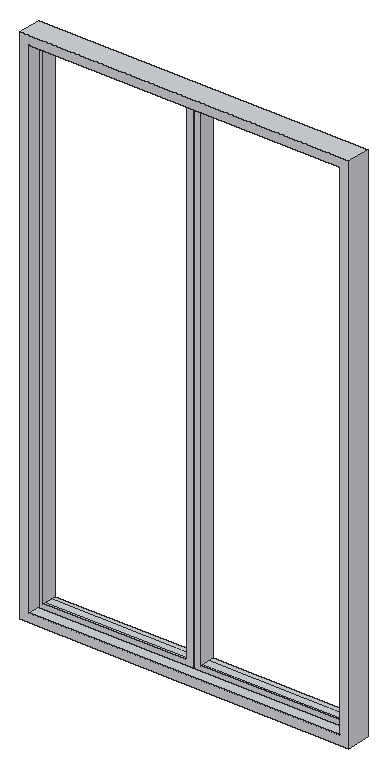
Revit family "АВЛН_ДверьВитражная_Двупольная_Алюминиевая", category Двери, Revit 2021
Family settings
  Номер OmniClass = 23.30.10.00
  Заголовок OmniClass = Doors
  Всегда вертикально = Да
  При загрузке вырезать с полостями = Нет
  Общий = Нет
  Точка принадлежности помещению = Нет
Parameters (values of type "Остекленные (с защитным ограждением)")
  Ширина [instance] = 1440.00 mm
  Функция = Наружные слои
  Угол открывания 30 [instance] = no
  Толщина = Коробка_Толщина / 2  # 50.00 mm
  Тип полотна 2 = АС-Полотно : Остекленное
  Тип полотна 1 = АС-Полотно : Остекленное
  Ручка двери = ADSK_Алюминиевый профиль_RAL 7036
  Рама2_Ширина_Справа = 30.00 mm
  Рама2_Ширина_Снизу = 30.00 mm
  Рама2_Ширина_Слева = 30.00 mm
  Рама2_Ширина_Сверху = 30.00 mm
  Рама1_Ширина_Справа = 30.00 mm
  Рама1_Ширина_Снизу = 30.00 mm
  Рама1_Ширина_Слева = 30.00 mm
  Рама1_Ширина_Сверху = 30.00 mm
  Рама двери = ADSK_Алюминиевый профиль_RAL 7036
  Равные полотна = yes
  Примечание [instance] = ""
  Предел огнестойкости = ""
  Правая = no
  Порог наружный_смещение [instance] = 250.00 mm
  Порог наружный [instance] = no
  Порог внутренний_смещение [instance] = 250.00 mm
  Порог внутренний [instance] = no
  Полотно2_Ширина [instance] = Полотна_Ширина - Полотно1_Размер  # 690.00 mm
  Полотно1_Ширина [instance] = 800.00 mm
  Полотно1_Размер [instance] = if(Равные полотна, Полотна_Ширина / 2, Полотно1_Ширина)  # 690.00 mm
  Полотна_Ширина [instance] = Ширина - Коробка_Ширина * 2  # 1380.00 mm
  Полотна_Высота [instance] = 2243.673 mm
  Позиция [instance] = ""
  Панель двери = none
  Открывание [instance] = if(Равные полотна, "Равные полотна", if(Полотно1_Ширина > Полотно2_Ширина, "Левая", "Правая"))  # "Равные полотна"
  Остекление двери = ADSK_Стекло_Прозрачное бесцветное
  Определить тепловые свойства по = Тип схем
  Описание = "Дверь алюминиевая остекленная наружная"
  Обозначение = "ГОСТ 23747-2015"
  Наружное открывание [instance] = yes
  Наименование краткое = ""
  Наименование = "ДAK СПО"
  Н_Правая [instance] = and(Наружное открывание, Правая)  # no
  Н_Левая [instance] = and(Наружное открывание, Левая)  # no
  Масса_Текст = ""
  Марка проема = "14"
  Количество [instance] = 0
  Код изделия = ""
  Зона [instance] = ""
  Завод-изготовитель = ""
  Единицы измерения = ""
  Группирование [instance] = ""
  Внутреннее открывание [instance] = no
  В_Правая [instance] = and(Внутреннее открывание, Правая)  # no
  В_Левая [instance] = and(Внутреннее открывание, Левая)  # no
  Аналитическая конструкция = "<Нет>"
  Левая = no
  Коробка_Ширина = 30.00 mm
  Коробка_Толщина = 100.00 mm
  Инструкция по семейству [instance] = ""
  Защитное ограждение = no
  Высота [instance] = 2303.673 mm
Types (2, lengths in mm): name | Толщина | Ручка двери | Рама двери | Равные полотна | Полотно2_Ширина | Полотно1_Размер | Панель двери | Открывание | Остекление двери | Марка проема | Коробка_Толщина
  Остекленные (с защитным ограждением) | 50.00 | ADSK_Алюминиевый профиль_RAL 7036 | ADSK_Алюминиевый профиль_RAL 7036 | yes | 690.00 | 690.00 | none | "Равные полотна" | ADSK_Стекло_Прозрачное бесцветное | "14" | 100.00
  Остекленные (с защитным ограждением) Вн-1 | 32.50 | Панель фиброцементная (RAL 7015) | Панель фиброцементная (RAL 7015) | no | 580.00 | 800.00 | Панель фиброцементная (RAL 7015) | "Левая" | none | "7" | 65.00
Reference planes
  plane 1 "По центру (Вперед/Назад)": y = 0
  plane 2: z = 0
  plane 3 "По центру (Влево/Вправо)": x = 82.523
  plane 4: x = -637.477
  plane 5: x = 802.523
  plane 6 "Верх": z = 2303.673
  plane 7: y = 100
  plane 8: y = 0
  plane 9: x = -607.477
  plane 10: x = 772.523
  plane 11: y = 50
  plane 12: z = 2273.673
  plane 13: z = 30
  plane 14: z = 1151.837
  plane 15: x = 82.523
Forms (mm)
  Sweep 1, solid, material <- "Панель двери"
    path origin (0, 0, 0) x (1, 0, 0) y (0, 0, 1)
      loop
        line (802.523, 2303.673) -> (-637.477, 2303.673) -> (-637.477, 0) -> (802.523, 0) -> (802.523, 2303.673)
    profile origin (802.523, 0, 1151.837) x (0, -1, 0) y (1, 0, 0)
      loop
        line (0, 0) -> (-100, 0) -> (-100, -30) -> (-50, -30) -> (-50, -40) -> (0, -40) -> (0, 0)
  Extrusion 2, solid, material <- "Панель двери", detail levels coarse
    sketch origin (0, 0, 0) x (1, 0, 0) y (0, 1, 0)
      loop
        line (-637.477, 0) -> (802.523, 0) -> (802.523, 100) -> (-637.477, 100) -> (-637.477, 0)
    from 0 to 2303.673
Lines and regions (mm)
  Masking region 1, detail levels medium+fine
    outline origin (82.523, 0, 0) x (0, 1, 0) y (0, 0, 1)
      loop
        line (50, 2273.673) -> (100, 2273.673) -> (100, 2303.673) -> (0, 2303.673) -> (0, 2263.673) -> (50, 2263.673) -> (50, 2273.673)
  Masking region 2, detail levels medium+fine
    outline origin (82.523, 0, 0) x (0, 1, 0) y (0, 0, 1)
      loop
        line (0, 0) -> (100, 0) -> (100, 30) -> (50, 30) -> (50, 40) -> (0, 40) -> (0, 0)
  Masking region 3, detail levels medium+fine
    outline origin (82.523, 0, 0) x (0, 1, 0) y (0, 0, 1)
      loop
        line (50, 30) -> (100, 30) -> (100, 2273.673) -> (50, 2273.673) -> (50, 30)
  Masking region 4, detail levels coarse
    outline origin (82.523, 0, 0) x (0, 1, 0) y (0, 0, 1)
      loop
        line (100, 0) -> (100, 2303.673) -> (0, 2303.673) -> (0, 0) -> (100, 0)
  symbolic lines, style "DoorsFrameMullionProjection", detail levels medium+fine
    curve 1: line (82.523, 0, 2263.673) -> (82.523, 0, 40)
  symbolic lines, style "Внутреннее открывание_Витраж", visible <- "В_Левая", detail levels medium
    curve 2: line (772.523, 0, 2273.673) -> (82.523, 0, 1151.837)
    curve 3: line (772.523, 0, 30) -> (82.523, 0, 1151.837)
  symbolic lines, style "Внутреннее открывание_Витраж", visible <- "В_Правая", detail levels medium
    curve 4: line (-607.477, 0, 2273.673) -> (82.523, 0, 1151.837)
    curve 5: line (-607.477, 0, 30) -> (82.523, 0, 1151.837)
  symbolic lines, style "Наружное открывание_Витраж", visible <- "Н_Левая", detail levels medium
    curve 6: line (772.523, 0, 2273.673) -> (82.523, 0, 1151.837)
    curve 7: line (772.523, 0, 30) -> (82.523, 0, 1151.837)
  symbolic lines, style "Наружное открывание_Витраж", visible <- "Н_Правая", detail levels medium
    curve 8: line (-607.477, 0, 2273.673) -> (82.523, 0, 1151.837)
    curve 9: line (-607.477, 0, 30) -> (82.523, 0, 1151.837)
  symbolic lines, style "Панель_Витраж", visible <- "Порог наружный"
    curve 10: line (-637.477, 350, 0) -> (802.523, 350, 0)
  symbolic lines, style "Панель_Витраж", visible <- "Порог внутренний"
    curve 11: line (-637.477, -250, 0) -> (802.523, -250, 0)
Text (mm)
  text "Наружный" at (-1161.5, 797.241, 0), in view "Опорный уровень "
Dimensions and locks
  equal spacing: plane 4, plane 3 "По центру (Влево/Вправо)", plane 5  (x2)
  "Ширина": plane 4 to plane 5
  "Коробка_Толщина": plane 7 to plane 8
  "Коробка_Ширина": plane 4 to plane 9
  "Коробка_Ширина": plane 10 to plane 5
  "Толщина": plane 7 to plane 11
  "Высота": plane 6 "Верх" to plane 2
  "Коробка_Ширина": plane 12 to plane 6 "Верх"
  "Коробка_Ширина": plane 2 to plane 13
  locked: Sweep 1 sketch curve to plane 10 at 10
  "Полотна_Высота": plane 13 to plane 12
  equal spacing: plane 2, plane 14, plane 6 "Верх"
  "Полотно1_Размер": plane 15 to plane 10
  "Порог наружный_смещение": curve 10 to plane 7
  "Порог внутренний_смещение": plane 8 to curve 11
  aligned and locked: level to plane 2
  aligned and locked: plane 5 to Sweep 1 sketch curve
  aligned and locked: plane 4 to Sweep 1 sketch curve
  aligned and locked: plane 6 "Верх" to Sweep 1 sketch curve
  aligned and locked: plane 2 to Sweep 1 sketch curve
  aligned and locked: profile plane to Sweep 1 sketch curve
  aligned and locked: plane 7 to Sweep 1 sketch curve
  aligned and locked: plane 8 to Sweep 1 sketch curve
  aligned and locked: plane 10 to Sweep 1 sketch curve
  aligned and locked: plane 11 to Sweep 1 sketch curve
  aligned and locked: Extrusion 2 sketch curve to plane 4
  aligned and locked: Extrusion 2 sketch curve to plane 5
  aligned and locked: Extrusion 2 sketch curve to plane 7
  aligned and locked: Extrusion 2 sketch curve to plane 8
  aligned and locked: Extrusion 2 to plane 6 "Верх"
  aligned and locked: nested 1 to plane 13
  aligned and locked: nested 1 to plane 7
  aligned and locked: nested 2 to plane 7
  aligned and locked: plane 7 to nested 3
  aligned and locked: Masking region 1 sketch curve to Sweep 1  (x2)
  aligned and locked: Sweep 1 to Masking region 1 sketch curve
  aligned and locked: plane 8 to Masking region 1 sketch curve
  aligned and locked: plane 6 "Верх" to Masking region 1 sketch curve
  aligned and locked: plane 7 to Masking region 1 sketch curve
  aligned and locked: plane 8 to Masking region 2 sketch curve
  aligned and locked: plane 2 to Masking region 2 sketch curve
  aligned and locked: plane 7 to Masking region 2 sketch curve
  aligned and locked: plane 13 to Masking region 2 sketch curve
  aligned and locked: plane 11 to Masking region 2 sketch curve
  aligned and locked: Masking region 2 sketch curve to Sweep 1
  aligned and locked: plane 11 to Masking region 3 sketch curve
  aligned and locked: plane 7 to Masking region 3 sketch curve
  aligned and locked: plane 13 to Masking region 3 sketch curve
  aligned and locked: plane 12 to Masking region 3 sketch curve
  aligned and locked: plane 7 to Masking region 4 sketch curve
  aligned and locked: plane 8 to Masking region 4 sketch curve
  aligned and locked: plane 6 "Верх" to Masking region 4 sketch curve
  aligned and locked: plane 2 to Masking region 4 sketch curve
  aligned and locked: Sweep 1 to curve 1  (x2)
  aligned and locked: curve 1 to Sweep 1
  aligned and locked: curve 3 to Sweep 1
  aligned and locked: plane 12 to curve 2
  aligned and locked: plane 10 to curve 2
  aligned and locked: plane 13 to curve 3
  aligned and locked: Sweep 1 to curve 4
  aligned and locked: Sweep 1 to curve 5
  aligned and locked: plane 10 to nested 1
  aligned and locked: plane 7 to nested 4
  aligned and locked: plane 9 to nested 4
  aligned and locked: plane 15 to nested 1
  aligned and locked: nested 1 to plane 15  (x2)
  aligned and locked: nested 4 to plane 13
  aligned and locked: nested 1 to curve 3
  aligned and locked: nested 5 to plane 7
  aligned and locked: nested 5 to plane 5
  aligned and locked: nested 6 to plane 4
  aligned and locked: plane 7 to nested 6
  aligned and locked: plane 15 to nested 3
  aligned and locked: plane 15 to nested 2
  aligned and locked: plane 14 to curve 9
  aligned and locked: nested 1 to curve 6
  aligned and locked: nested 1 to curve 7
  aligned and locked: nested 4 to curve 9
  aligned and locked: nested 4 to curve 8
  aligned and locked: plane 12 to curve 6
  aligned and locked: plane 12 to curve 8
  aligned and locked: plane 13 to curve 9
  aligned and locked: plane 13 to curve 7
  aligned and locked: plane 4 to curve 11
  aligned and locked: plane 5 to curve 11
  aligned and locked: plane 4 to curve 10
  aligned and locked: plane 5 to curve 10
  aligned and locked: plane 8 to plane 1 "По центру (Вперед/Назад)"
Automatic sketch dimensions
  curve 5 to plane 13 = 0.00 mm
  curve 4 to plane 12 = 0.00 mm
Nested families
  nested 1: "АС-Полотно" at (427.523, 100, 30), Остекление двери <- "Остекление двери", Полотно двери <- "Панель двери", Фурнитура <- "Ручка двери", Полотно двери.Толщина <- "Толщина", Рама.Ширина справа <- "Рама1_Ширина_Справа", Рама.Ширина слева <- "Рама1_Ширина_Слева", Рама.Ширина внизу <- "Рама1_Ширина_Снизу", Рама.Ширина вверху <- "Рама1_Ширина_Сверху", Защитные ограждения <- "Защитное ограждение", type <- "Тип полотна 1", Полотно двери.Высота <- "Полотна_Высота", Полотно двери.Ширина <- "Полотно1_Размер", type "Остекленное"
    with Фурнитура ADSK_Алюминиевый профиль_RAL 7036, Рама.Ширина справа 30.00 mm, Рама.Ширина слева 30.00 mm, Рама.Ширина внизу 30.00 mm, Рама.Ширина вверху 30.00 mm, Полотно двери.Ширина 690.00 mm, Полотно двери.Толщина 50.00 mm, Полотно двери.Высота 2243.673 mm, Полотно двери none, Остекление двери ADSK_Стекло_Прозрачное бесцветное, Защитные ограждения no
  nested 2: "АС-Ручка двери" at (82.523, 100, 0), Ручка двери <- "Ручка двери", Полотно двери.Толщина <- "Толщина", visible <- "Правая", type "АС-Стандарт"
    with Ручка двери ADSK_Алюминиевый профиль_RAL 7036, Полотно двери.Толщина 50.00 mm, Отступ ручки от края 40.00 mm, Высота расположения ручки 1000.00 mm
  nested 3: "АС-Ручка двери" at (82.523, 100, 0) x (-1, 0, 0) z (0, 0, 1), Ручка двери <- "Ручка двери", Полотно двери.Толщина <- "Толщина", visible <- "Левая", type "АС-Стандарт"
    with Ручка двери ADSK_Алюминиевый профиль_RAL 7036, Полотно двери.Толщина 50.00 mm, Отступ ручки от края 40.00 mm, Высота расположения ручки 1000.00 mm
  nested 4: "АС-Полотно" at (-262.477, 100, 30) x (-1, 0, 0) z (0, 0, 1), Рама.Ширина справа <- "Рама2_Ширина_Справа", Рама.Ширина слева <- "Рама2_Ширина_Слева", Рама.Ширина внизу <- "Рама2_Ширина_Снизу", Рама.Ширина вверху <- "Рама2_Ширина_Сверху", Полотно двери.Высота <- "Полотна_Высота", Полотно двери.Толщина <- "Толщина", Защитные ограждения <- "Защитное ограждение", type <- "Тип полотна 2", Фурнитура <- "Ручка двери", Полотно двери <- "Панель двери", Остекление двери <- "Остекление двери", Полотно двери.Ширина <- "Полотно2_Ширина", type "Остекленное"
    with Фурнитура ADSK_Алюминиевый профиль_RAL 7036, Рама.Ширина справа 30.00 mm, Рама.Ширина слева 30.00 mm, Рама.Ширина внизу 30.00 mm, Рама.Ширина вверху 30.00 mm, Полотно двери.Ширина 690.00 mm, Полотно двери.Толщина 50.00 mm, Полотно двери.Высота 2243.673 mm, Полотно двери none, Остекление двери ADSK_Стекло_Прозрачное бесцветное, Защитные ограждения no
  nested 5: "АС-Навесная-Двупольная-Обозначение на плане" at (802.523, 100, 0), Коробка.Ширина <- "Коробка_Ширина", Коробка.Толщина <- "Коробка_Толщина", Толщина <- "Толщина", Height <- "Высота", Rough Width <- "Полотно1_Размер", type "АС-Стандарт"
    with built-in parameter 1001301 720.00 mm, Толщина 50.00 mm, built-in parameter 1001305 690.00 mm, Коробка.Ширина 30.00 mm, Коробка.Толщина 100.00 mm, built-in parameter 1001300 2303.673 mm
  nested 6: "АС-Навесная-Двупольная-Обозначение на плане" at (-637.477, 100, 0) x (-1, 0, 0) z (0, 0, 1), Коробка.Ширина <- "Коробка_Ширина", Коробка.Толщина <- "Коробка_Толщина", Толщина <- "Толщина", Height <- "Высота", Rough Width <- "Полотно2_Ширина", type "АС-Стандарт"
    with built-in parameter 1001301 720.00 mm, Толщина 50.00 mm, built-in parameter 1001305 690.00 mm, Коробка.Ширина 30.00 mm, Коробка.Толщина 100.00 mm, built-in parameter 1001300 2303.673 mm
Definition of nested family "АС-Полотно"
  Parameters (values of type "Остекленное")
    Фурнитура [instance] = none
    Рама.Ширина справа [instance] = 150.00 mm
    Рама.Ширина слева [instance] = 150.00 mm
    Рама.Ширина внизу [instance] = 600.00 mm
    Рама.Ширина вверху [instance] = 150.00 mm
    Полотно двери.Ширина [instance] = 1000.00 mm
    Полотно двери.Толщина [instance] = 40.00 mm
    Полотно двери.Высота [instance] = 2100.00 mm
    Полотно двери [instance] = none
    Остекленная = not(Глухая)  # yes
    Защитное ограждение.Высота расположения = 600.00 mm
    Глухая = no
    Остекление двери [instance] = none
    Защитные ограждения [instance] = no
    Default Elevation = 0.00 mm
    Analytic Construction = "<Нет>"
  Reference planes
    plane 1 "Center (Front/Back)": y = 0
    plane 2: z = 0
    plane 3 "Center (Left/Right)": x = 0
    plane 4: x = -500
    plane 5: x = 500
    plane 6 "Back": y = -40
    plane 7: z = 2100
    plane 8 "Остекление снаружи": y = -8
    plane 9 "Остекление внутри": y = -32
    plane 10 "Ширина рамы справа": x = -350
    plane 11 "Ширина рамы слева": x = 350
    plane 12 "Ширина рамы внизу": z = 600
    plane 13 "Ширина рамы вверху": z = 1950
    plane 14: z = 600
    plane 15: z = 450
    plane 16: z = 300
  Forms (mm)
    Extrusion 1, solid, material <- "Остекление двери", visible <- "Остекленная", detail levels medium+fine
      sketch origin (-646.608, -8, 1200) x (-1, 0, 0) y (0, 0, 1)
        loop
          line (-296.608, 750) -> (-996.608, 750) -> (-996.608, -1050) -> (-296.608, -1050) -> (-296.608, 750)
      from 0 to -24
    Sweep 2, solid, material <- "Фурнитура", visible <- "Защитные ограждения", detail levels medium+fine
      path origin (-858.179, -1524, 600) x (-1, 0, 0) y (0, -1, 0)
        loop
          arc (-478.179, -1469) -> (-482.572, -1458.393) -> (-493.179, -1454) r 15
          line (-493.179, -1454) -> (-1223.179, -1454)
          arc (-1223.179, -1454) -> (-1233.785, -1458.393) -> (-1238.179, -1469) r 15
          line (-1238.179, -1469) -> (-1238.179, -1554)
          arc (-1238.179, -1554) -> (-1233.785, -1564.607) -> (-1223.179, -1569) r 15
          line (-1223.179, -1569) -> (-493.179, -1569)
          arc (-493.179, -1569) -> (-482.572, -1564.607) -> (-478.179, -1554) r 15
          line (-478.179, -1554) -> (-478.179, -1469)
      profile origin (-380, -12.5, 600) x (-1, 0, 0) y (0, 0, 1)
        loop
          circle (0, 0) r 10
    Sweep 3, solid, material <- "Фурнитура", visible <- "Защитные ограждения", detail levels medium+fine
      path origin (-858.179, -1524, 450) x (-1, 0, 0) y (0, -1, 0)
        loop
          arc (-478.179, -1469) -> (-482.572, -1458.393) -> (-493.179, -1454) r 15
          line (-493.179, -1454) -> (-1223.179, -1454)
          arc (-1223.179, -1454) -> (-1233.785, -1458.393) -> (-1238.179, -1469) r 15
          line (-1238.179, -1469) -> (-1238.179, -1554)
          arc (-1238.179, -1554) -> (-1233.785, -1564.607) -> (-1223.179, -1569) r 15
          line (-1223.179, -1569) -> (-493.179, -1569)
          arc (-493.179, -1569) -> (-482.572, -1564.607) -> (-478.179, -1554) r 15
          line (-478.179, -1554) -> (-478.179, -1469)
      profile origin (-380, -12.5, 450) x (-1, 0, 0) y (0, 0, 1)
        loop
          circle (0, 0) r 10
    Sweep 4, solid, material <- "Фурнитура", visible <- "Защитные ограждения", detail levels medium+fine
      path origin (-858.179, -1524, 300) x (-1, 0, 0) y (0, -1, 0)
        loop
          arc (-478.179, -1469) -> (-482.572, -1458.393) -> (-493.179, -1454) r 15
          line (-493.179, -1454) -> (-1223.179, -1454)
          arc (-1223.179, -1454) -> (-1233.785, -1458.393) -> (-1238.179, -1469) r 15
          line (-1238.179, -1469) -> (-1238.179, -1554)
          arc (-1238.179, -1554) -> (-1233.785, -1564.607) -> (-1223.179, -1569) r 15
          line (-1223.179, -1569) -> (-493.179, -1569)
          arc (-493.179, -1569) -> (-482.572, -1564.607) -> (-478.179, -1554) r 15
          line (-478.179, -1554) -> (-478.179, -1469)
      profile origin (-380, -12.5, 300) x (-1, 0, 0) y (0, 0, 1)
        loop
          circle (0, 0) r 10
    Sweep 5, solid, material <- "Полотно двери", visible <- "Остекленная", detail levels medium+fine
      path origin (0, 0, 0) x (1, 0, 0) y (0, 0, 1)
        loop
          line (-500, 2100) -> (-500, 0) -> (500, 0) -> (500, 2100) -> (-500, 2100)
      profile origin (-500, 0, 1050) x (0, -1, 0) y (1, 0, 0)
        loop
          line (40, 0) -> (40, 150) -> (-15, 150) -> (-15, -15) -> (0, -15) -> (0, 0) -> (40, 0)
    Extrusion 6, solid, material <- "Полотно двери", visible <- "Глухая", detail levels medium+fine
      sketch origin (0, 0, 0) x (1, 0, 0) y (0, 0, 1)
        loop
          line (-500, 2100) -> (-500, 0) -> (500, 0) -> (500, 2100) -> (-500, 2100)
      from 0 to 40
    Extrusion 7, solid, material <- "Полотно двери", visible <- "Глухая", detail levels medium+fine
      sketch origin (0, 0, 0) x (1, 0, 0) y (0, 0, 1)
        loop
          line (515, 2115) -> (-500, 2115) -> (-500, -15) -> (515, -15) -> (515, 2115)
      from 0 to -15
    Extrusion 8, void
      sketch origin (0, -40, 0) x (-1, 0, 0) y (0, 0, 1)
        loop
          line (515, 2115) -> (500, 2115) -> (500, -15) -> (515, -15) -> (515, 2115)
      from 0 to 55
  Cuts and joins
    Extrusion 8 cuts Extrusion 6
    Extrusion 8 cuts Extrusion 7
    joined: Extrusion 6, Extrusion 7
    Extrusion 8 cuts Sweep 5
  Dimensions and locks
    "Полотно двери.Толщина": plane 1 "Center (Front/Back)" to plane 6 "Back"
    equal spacing: plane 4, plane 3 "Center (Left/Right)", plane 5
    "Полотно двери.Ширина": plane 4 to plane 5
    "Полотно двери.Высота": plane 7 to plane 2
    locked: plane 9 "Остекление внутри" to plane 6 "Back" at 8
    locked: plane 1 "Center (Front/Back)" to plane 8 "Остекление снаружи" at 8
    "Рама.Ширина вверху": plane 7 to plane 13 "Ширина рамы вверху"
    "Рама.Ширина внизу": plane 12 "Ширина рамы внизу" to plane 2
    "Рама.Ширина справа": plane 5 to plane 11 "Ширина рамы слева"
    "Рама.Ширина слева": plane 10 "Ширина рамы справа" to plane 4
    "Защитное ограждение.Высота расположения": plane 14 to plane 2
    plane 14 to plane 15 to plane 16 = 150.00 mm locked, 150.00 mm locked
    locked: Extrusion 7 to Sweep 2 sketch curve at 30
    locked: Sweep 2 sketch curve to profile plane at 0
    locked: profile plane to Sweep 2 sketch curve at 0
    locked: Sweep 2 sketch curve to plane 6 "Back" at 30
    locked: Sweep 3 sketch curve to profile plane at 0
    locked: profile plane to Sweep 3 sketch curve at 0
    locked: Sweep 3 sketch curve to plane 6 "Back" at 30
    locked: plane 1 "Center (Front/Back)" to Sweep 3 sketch curve at 45
    locked: Sweep 4 sketch curve to profile plane at 0
    locked: profile plane to Sweep 4 sketch curve at 0
    locked: Sweep 4 sketch curve to plane 6 "Back" at 30
    locked: plane 1 "Center (Front/Back)" to Sweep 4 sketch curve at 45
    plane 7 to plane 2 = 2100.00 mm
    locked: Sweep 2 sketch curve to plane 10 "Ширина рамы справа" at 30
    locked: plane 11 "Ширина рамы слева" to Sweep 2 sketch curve at 30
    locked: plane 11 "Ширина рамы слева" to Sweep 3 sketch curve at 30
    locked: Sweep 3 sketch curve to plane 10 "Ширина рамы справа" at 30
    locked: Sweep 4 sketch curve to plane 10 "Ширина рамы справа" at 30
    locked: plane 11 "Ширина рамы слева" to Sweep 4 sketch curve at 30
    locked: Sweep 2 sketch curve to Sweep 2 sketch curve at 15  (x8)
    locked: Sweep 3 sketch curve to Sweep 3 sketch curve at 15  (x8)
    locked: Sweep 4 sketch curve to Sweep 4 sketch curve at 15  (x8)
    locked: plane 1 "Center (Front/Back)" to Sweep 5 sketch curve at 15
    locked: Sweep 5 sketch curve to plane 4 at 15
    aligned and locked: level to plane 2
    aligned and locked: plane 10 "Ширина рамы справа" to Extrusion 1 sketch curve
    aligned and locked: plane 11 "Ширина рамы слева" to Extrusion 1 sketch curve
    aligned and locked: plane 13 "Ширина рамы вверху" to Extrusion 1 sketch curve
    aligned and locked: Extrusion 1 to plane 8 "Остекление снаружи"
    aligned and locked: Extrusion 1 to plane 9 "Остекление внутри"
    aligned and locked: Sweep 5 sketch curve to plane 4
    aligned and locked: Sweep 5 sketch curve to plane 5
    aligned and locked: Sweep 5 sketch curve to plane 2
    aligned and locked: Sweep 5 sketch curve to plane 7
    aligned and locked: plane 6 "Back" to Sweep 5 sketch curve
    aligned and locked: plane 10 "Ширина рамы справа" to Sweep 5 sketch curve
    aligned and locked: plane 4 to Sweep 5 sketch curve
    aligned and locked: plane 1 "Center (Front/Back)" to Sweep 5 sketch curve
    aligned and locked: Extrusion 6 sketch curve to plane 4
    aligned and locked: Extrusion 6 sketch curve to plane 5
    aligned and locked: Extrusion 6 sketch curve to plane 2
    aligned and locked: Extrusion 6 sketch curve to plane 7
    aligned and locked: Extrusion 7 sketch curve to Sweep 5  (x2)
    aligned and locked: Sweep 5 to Extrusion 7 sketch curve
    aligned and locked: Extrusion 6 to plane 6 "Back"
    aligned and locked: Extrusion 7 to Sweep 5
    aligned and locked: plane 4 to Extrusion 7 sketch curve
    aligned and locked: Extrusion 8 sketch curve to Sweep 5  (x2)
    aligned and locked: cut or joined group of Extrusion 6, Extrusion 7, Extrusion 8 to Extrusion 8 sketch curve
    aligned and locked: Extrusion 8 sketch curve to cut or joined group of Extrusion 6, Extrusion 7, Extrusion 8
    aligned and locked: Extrusion 8 to Sweep 5
    aligned and locked: Extrusion 1 sketch curve to cut or joined group of Sweep 5, Extrusion 8
  Automatic sketch dimensions
    radius of Sweep 2 sketch curve = 10.00 mm
    radius of Sweep 3 sketch curve = 10.00 mm
    radius of Sweep 4 sketch curve = 10.00 mm
Definition of nested family "АС-Ручка двери"
  Parameters
    Ручка двери [instance] = none
    Полотно двери.Толщина [instance] = 90.00 mm
    Отступ ручки от края = 90.00 mm
    Высота расположения ручки = 900.00 mm
    Default Elevation = 0.00 mm
  Reference planes
    plane 1 "Наружная сторона полотна": y = 0
    plane 2: z = 0
    plane 3 "Край полотна": x = 0
    plane 4 "Вертикаль расположения": x = 90
    plane 5 "Горизонталь расположения": z = 900
    plane 6 "Внутренняя сторона полотна": y = -90
    plane 7: z = 650
    plane 8: y = 65
    plane 9: y = -140
  Forms (mm)
    Sweep 1, solid, material <- "Ручка двери", detail levels fine
      path origin (0, 0, 900) x (1, 0, 0) y (0, 1, 0)
        loop
          line (160, 65) -> (110, 65)
          arc (110, 65) -> (95.858, 59.142) -> (90, 45) r 20
          line (90, 45) -> (90, -120)
          arc (90, -120) -> (95.858, -134.142) -> (110, -140) r 20
          line (110, -140) -> (160, -140)
      profile origin (90, -37.5, 900) x (1, 0, 0) y (0, 0, 1)
        loop
          circle (0, 0) r 12
    Extrusion 2, solid, material <- "Ручка двери", detail levels fine
      sketch origin (0, 0, 0) x (1, 0, 0) y (0, 0, 1)
        loop
          circle (90, 775) r 25
      from 98 to -23
    Sweep 3, solid, material <- "Ручка двери", detail levels fine
      path origin (592.846, -30.48, 650) x (1, 0, 0) y (0, 1, 0)
        loop
          line (-432.846, 95.48) -> (-482.846, 95.48)
          arc (-482.846, 95.48) -> (-496.988, 89.622) -> (-502.846, 75.48) r 20
          line (-502.846, 75.48) -> (-502.846, -89.52)
          arc (-502.846, -89.52) -> (-496.988, -103.662) -> (-482.846, -109.52) r 20
          line (-482.846, -109.52) -> (-432.846, -109.52)
      profile origin (90, -37.5, 650) x (1, 0, 0) y (0, 0, 1)
        loop
          circle (0, 0) r 12
    Sweep 4, solid, material <- "Ручка двери", detail levels fine
      path origin (160, 65, 1200) x (1, 0, 0) y (0, 0, 1)
        loop
          line (0, -300) -> (50, -300)
          arc (50, -300) -> (64.142, -305.858) -> (70, -320) r 20
          line (70, -320) -> (70, -530)
          arc (70, -530) -> (64.142, -544.142) -> (50, -550) r 20
          line (50, -550) -> (0, -550)
      profile origin (185, 65, 900) x (0, 0, 1) y (0, -1, 0)
        loop
          circle (0, 0) r 12
    Sweep 5, solid, material <- "Ручка двери", detail levels fine
      path origin (160, -140, 1200) x (1, 0, 0) y (0, 0, 1)
        loop
          line (0, -300) -> (50, -300)
          arc (50, -300) -> (64.142, -305.858) -> (70, -320) r 20
          line (70, -320) -> (70, -530)
          arc (70, -530) -> (64.142, -544.142) -> (50, -550) r 20
          line (50, -550) -> (0, -550)
      profile origin (185, -140, 900) x (0, 0, 1) y (0, -1, 0)
        loop
          circle (0, 0) r 12
  Cuts and joins
    joined: Sweep 1, Sweep 3, Sweep 4, Sweep 5
  Dimensions and locks
    "Отступ ручки от края": plane 3 "Край полотна" to plane 4 "Вертикаль расположения"
    "Высота расположения ручки": plane 5 "Горизонталь расположения" to level
    "Полотно двери.Толщина": plane 1 "Наружная сторона полотна" to plane 6 "Внутренняя сторона полотна"
    locked: plane 1 "Наружная сторона полотна" to Extrusion 2 at 23
    locked: plane 6 "Внутренняя сторона полотна" to Extrusion 2 at 8
    locked: Extrusion 2 sketch curve to plane 5 "Горизонталь расположения" at 125
    locked: Extrusion 2 sketch curve to plane 4 "Вертикаль расположения"
    locked: plane 1 "Наружная сторона полотна" to Sweep 1 sketch curve at 65
    locked: plane 6 "Внутренняя сторона полотна" to Sweep 1 sketch curve at 50
    locked: plane 4 "Вертикаль расположения" to Sweep 1 sketch curve at 70  (x2)
    locked: Sweep 1 sketch curve to plane 5 "Горизонталь расположения"
    locked: plane 4 "Вертикаль расположения" to Sweep 1 sketch curve at 0
    locked: plane 1 "Наружная сторона полотна" to Sweep 3 sketch curve at 65
    locked: plane 6 "Внутренняя сторона полотна" to Sweep 3 sketch curve at 50
    locked: plane 4 "Вертикаль расположения" to Sweep 3 sketch curve at 70  (x2)
    locked: plane 7 to plane 5 "Горизонталь расположения" at 250
    locked: plane 8 to plane 1 "Наружная сторона полотна" at 65
    locked: plane 9 to plane 6 "Внутренняя сторона полотна" at 50
    locked: Sweep 4 sketch curve to plane 4 "Вертикаль расположения" at 140
    locked: Sweep 5 sketch curve to plane 4 "Вертикаль расположения" at 140
    aligned and locked: Sweep 1 sketch curve to plane 4 "Вертикаль расположения"
    aligned and locked: Sweep 3 sketch curve to plane 4 "Вертикаль расположения"
    aligned and locked: plane 7 to Sweep 4 sketch curve
    aligned and locked: plane 5 "Горизонталь расположения" to Sweep 4 sketch curve
    aligned and locked: plane 5 "Горизонталь расположения" to Sweep 5 sketch curve
    aligned and locked: plane 7 to Sweep 5 sketch curve
  Automatic sketch dimensions
    plane 4 "Вертикаль расположения" to Sweep 1 sketch curve = 20.00 mm  (x2)
    plane 4 "Вертикаль расположения" to Sweep 3 sketch curve = 20.00 mm  (x2)
    Sweep 3 sketch curve to plane 7 = 0.00 mm
    profile plane to Sweep 3 sketch curve = 0.00 mm
    Sweep 4 sketch curve to Sweep 4 sketch curve = 20.00 mm
    Sweep 4 sketch curve to plane 5 "Горизонталь расположения" = 20.00 mm
    Sweep 4 sketch curve to Sweep 4 sketch curve = 50.00 mm  (x2)
    Sweep 4 sketch curve to plane 8 = 0.00 mm
    profile plane to Sweep 4 sketch curve = 0.00 mm
    profile plane to Sweep 5 sketch curve = 0.00 mm
    Sweep 5 sketch curve to profile plane = 0.00 mm
    plane 4 "Вертикаль расположения" to Sweep 5 sketch curve = 70.00 mm
    Sweep 5 sketch curve to Sweep 5 sketch curve = 50.00 mm  (x2)
    Sweep 5 sketch curve to plane 5 "Горизонталь расположения" = 20.00 mm
    radius of Sweep 1 sketch curve = 12.00 mm
    radius of Extrusion 2 sketch curve = 25.00 mm
    radius of Sweep 3 sketch curve = 12.00 mm
    radius of Sweep 4 sketch curve = 12.00 mm
    radius of Sweep 5 sketch curve = 12.00 mm
Definition of nested family "АС-Навесная-Двупольная-Обозначение на плане"
  Parameters (values of type "АС-Стандарт")
    Открывание двери 90 = not(Открывание двери 30)  # yes
    Открывание двери 30 = no
    Define Thermal Properties by = 1
    Линия открывания (дуга) = not(Открывание двери 30)  # yes
    Коробка.Ширина [instance] = 40.00 mm
    Коробка.Толщина [instance] = 80.00 mm
    Width [instance] = Rough Width + Коробка.Ширина  # 940.00 mm
    Thickness [instance] = 40.00 mm
    Rough Width [instance] = 900.00 mm
    Height [instance] = 2100.00 mm
    Default Elevation = 0.00 mm
    Analytic Construction = "<Нет>"
  Reference planes
    plane 1 "Center (Front/Back)": y = 0
    plane 2: z = 0
    plane 3 "Center (Left/Right)": x = 0
    plane 4 "Полотно справа": x = 0
    plane 5 "Полотно. Внутренняя сторона": y = -40
    plane 6 "Коробка. Внутренняя сторона": y = -80
    plane 7 "Коробка.Внутренняя сторона слева": x = -940
    plane 8 "Коробка. Внутренняя сторона справа": x = -40
  Lines and regions (mm)
    Masking region 1, detail levels fine
      outline origin (0, 0, 0) x (1, 0, 0) y (0, 1, 0)
        loop
          line (0, 0) -> (-40, 0) -> (-40, -40) -> (-50, -40) -> (-50, -80) -> (0, -80) -> (0, 0)
    Masking region 2, visible <- "Открывание двери 90", detail levels fine
      outline origin (0, 0, 0) x (1, 0, 0) y (0, 1, 0)
        loop
          line (-40, 0) -> (-40, 900) -> (-80, 900) -> (-80, 0) -> (-40, 0)
    Masking region 3, visible <- "Открывание двери 30", detail levels fine
      outline origin (0, 0, 0) x (1, 0, 0) y (0, 1, 0)
        loop
          line (-40, 0) -> (-819.423, 450) -> (-839.423, 415.359) -> (-60, -34.641) -> (-40, 0)
    symbolic lines, visible <- "Открывание двери 30", detail levels coarse+medium
      curve 1: line (0, 0, 0) -> (-814.064, 470, 0)
    symbolic lines, visible <- "Открывание двери 90", detail levels coarse+medium
      curve 2: line (0, 0, 0) -> (0, 940, 0)
    symbolic lines, visible <- "Линия открывания (дуга)", detail levels coarse+medium
      curve 3: arc (0, 940, 0) -> (-664.68, 664.68, 0) -> (-940, 0, 0) r 940
    symbolic lines, visible <- "Линия открывания (дуга)", detail levels fine
      curve 4: arc (-940, 0, 0) -> (-676.396, 636.396, 0) -> (-40, 900, 0) r 900
    model lines
      curve 5: line (0, 0, 0) -> (0, 0, 2100)
  Dimensions and locks
    "Thickness": plane 1 "Center (Front/Back)" to plane 5 "Полотно. Внутренняя сторона"
    plane 1 "Center (Front/Back)" to plane 6 "Коробка. Внутренняя сторона" = 80.00 mm
    "Коробка.Толщина": plane 6 "Коробка. Внутренняя сторона" to plane 1 "Center (Front/Back)"
    "Rough Width": plane 7 "Коробка.Внутренняя сторона слева" to plane 8 "Коробка. Внутренняя сторона справа"
    "Width": curve 1 to curve 1
    "Width": plane 1 "Center (Front/Back)" to curve 2
    "Rough Width": plane 1 "Center (Front/Back)" to Masking region 2 sketch curve
    "Thickness": Masking region 2 sketch curve to plane 8 "Коробка. Внутренняя сторона справа"
    "Rough Width": Masking region 3 sketch curve to Masking region 3 sketch curve
    "Thickness": Masking region 3 sketch curve to Masking region 3 sketch curve
    "Height": curve 5 to level
    "Коробка.Ширина": plane 8 "Коробка. Внутренняя сторона справа" to plane 4 "Полотно справа"
    locked: Masking region 1 sketch curve to plane 8 "Коробка. Внутренняя сторона справа" at 10
    "Width": radius of curve 3
    "Rough Width": radius of curve 4
    locked: curve 1 to plane 1 "Center (Front/Back)" (angle 30.00°)
    locked: Masking region 3 sketch curve to plane 1 "Center (Front/Back)" (angle 30.00°)
    aligned and locked: level to plane 2
    aligned and locked: plane 1 "Center (Front/Back)" to curve 2
    aligned and locked: Masking region 1 sketch curve to plane 4 "Полотно справа"
    aligned and locked: Masking region 1 sketch curve to plane 8 "Коробка. Внутренняя сторона справа"
    aligned and locked: Masking region 1 sketch curve to plane 6 "Коробка. Внутренняя сторона"
    aligned and locked: Masking region 1 sketch curve to plane 5 "Полотно. Внутренняя сторона"
    aligned and locked: Masking region 1 sketch curve to plane 1 "Center (Front/Back)"
    aligned and locked: plane 8 "Коробка. Внутренняя сторона справа" to curve 4
    aligned and locked: Masking region 1 to Masking region 2 sketch curve
    aligned and locked: Masking region 2 sketch curve to Masking region 1
    aligned and locked: plane 8 "Коробка. Внутренняя сторона справа" to Masking region 3 sketch curve
    aligned and locked: plane 2 to curve 5
    aligned and locked: plane 3 "Center (Left/Right)" to curve 5
    aligned and locked: plane 3 "Center (Left/Right)" to curve 2
    aligned and locked: plane 3 "Center (Left/Right)" to plane 4 "Полотно справа"
  Automatic sketch dimensions
    plane 1 "Center (Front/Back)" to Masking region 3 sketch curve = 0.00 mm
